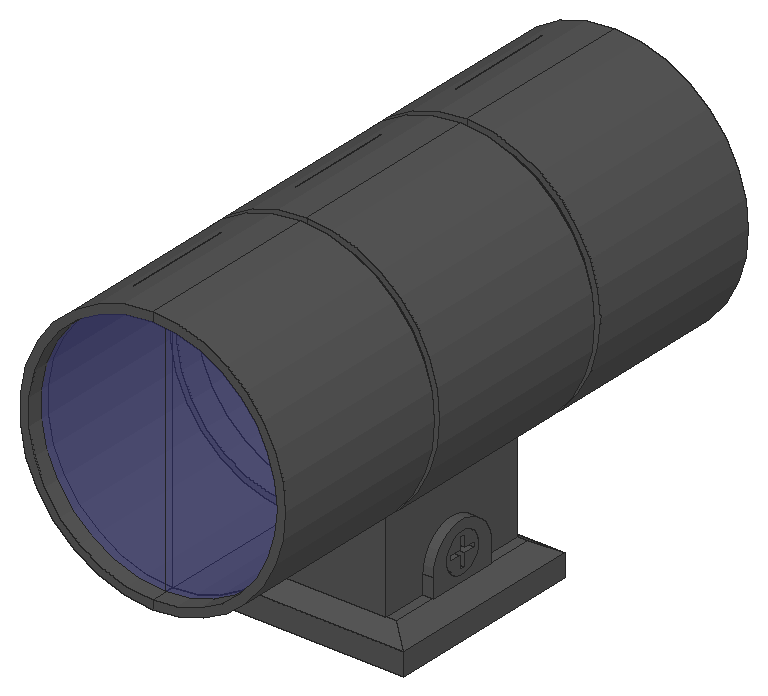
Revit family "CARLO CYLINDER LIGHT WALL MOUNT", category Lighting Fixtures, host Face, Revit 2020 (continued)
Types (10): name | Wattage_Input | Wattage Comments | Wattage | Photometric Web File | built-in parameter 1150142 | Model | built-in parameter 1150105 | Lumens | Light Length 1 | LIGHT RADIUS | LIGHT PLACEMENT | LIGHT LENGTH | LIGHT DIA | built-in parameter 1150106 | FIXED END HEIGHT | Curve base Height | Base Curve | BEAMING ANGLE | Apparent Load
    90.97 293.36 295.49 297.57 299.5 301.22 \r\n 302.85 304.5 306.18 307.95 309.79 311.68 313.64 315.73 317.87 319.94 \r\n 322.13 324.62 327.33 330.24 333.32 336.56 339.98 343.49 347.42 351.92 \r\n 357.36 364.02 372.38 382.71 395.88 412.53 433.58 459.76 492.19 532.02 \r\n 579.87 636.59 702.73 780.03 865.82 954.87 1056.6 1178.9 1321.7 1490.8 \r\n 1676.4 1871.7 2072.3 2272.3 2469 2656.8 2839.3 3023.8 3194.3 3335.9 \r\n 3453.3 3545.9 3614.3 3656.1 3679.2 3687.9 3691.1 3701.5 3712.2 3720.4 \r\n 3733.6 \r\n3725 3720.7 3703.1 3683.4 3647.3 3580.7 3488.5 3370.6 3227.9 3056.4 \r\n 2870.4 2683.9 2493.9 2302.8 2108.3 1904.7 1705.3 1518.7 1353 1226 \r\n 1117.5 1012.1 912.25 811.66 720.85 651.03 593.91 544.83 504.09 470.86 \r\n 443.84 421.64 403.74 389.33 377.85 368.61 361.22 355.12 350.02 345.5 \r\n 341.41 337.53 333.78 330.01 326.29 322.59 319.04 315.91 312.82 309.29 \r\n 305.97 303.59 301.45 298.9 296.43 294.38 292.5 290.63 288.89 287.52 \r\n 286.05 283.87 281.64 279.91 278.35 276.79 275.28 274.03 272.46 271.16 \r\n 266.91 255.44 240.45 224.21 206.64 188.56 169.57 149.25 128.48 108.05 \r\n 87.804 66.672 48.143 36.108 28.292 24.323 22.379 20.313 18.722 17.528 \r\n 16.605 15.799 15.112 14.499 13.938 13.396 12.864 12.316 11.772 11.25 \r\n 10.723 10.165 9.6036 9.0585 8.5275 8.0192 7.5199 7.0128 6.5147 6.0377 \r\n 5.5784 5.1389 4.7146 4.2927 3.8996 3.5634 3.2655 2.996 2.7558 2.5438 \r\n 2.3573 2.1948 2.0516 1.9225 1.806 1.6983 1.6013 1.5167 1.4413 1.3736 \r\n 1.3105 1.2467 1.187 1.1363 1.0893 1.0418 0.99545 0.95006 0.90729 0.86986 \r\n 0.83437 0.79782 0.76161 0.72601 0.6914 0.65844 0.62648 0.59484 0.56434 0.53609 \r\n 0.50852 0.48258 0.45645 0.42758 0.39914 0.37407 0.35044 0.32764 0.30461 0.2792 \r\n 0.2541 0.23187 0.21073 0.18992 0.16885 0.14646 0.12339 0.099174 0.076135 0.056985 \r\n 0.040086 0.023889 0.010844 0.0035943 0 0 0 0 0 0 \r\n 0 0 0.00011883 0.006219 0.014129 0.019766 0.028726 0.047765 0.069315 0.086223 \r\n 0.104 0.12616 0.15153 0.18188 0.21193 0.23481 0.25717 0.28473 0.31342 0.34074 \r\n 0.36778 0.39446 0.42189 0.45163 0.48219 0.51272 0.5428 0.57082 0.59948 0.63235 \r\n 0.66681 0.70107 0.73609 0.7716 0.80944 0.85171 0.89749 0.94745 0.99895 1.0482 \r\n 1.0993 1.1553 1.2154 1.2813 1.3485 1.4094 1.4757 1.5594 1.6526 1.7497 \r\n 1.8544 1.9677 2.092 2.2304 2.3825 2.5447 2.7294 2.9515 3.1991 3.4592 \r\n 3.7502 4.0895 4.467 4.8818 5.3238 5.7802 6.2577 6.7608 7.2828 7.8152 \r\n 8.3679 8.9585 9.5554 10.12 10.692 11.306 11.942 12.594 13.253 13.907 \r\n 14.57 15.244 15.957 16.729 17.58 18.502 19.6 20.937 22.629 24.915 \r\n 27.476 29.56 32.712 37.763 46.097 60.476 77.595 94.698 112.9 132.65 \r\n 153.23 174.82 195.25 211.92 226.36 239.11 250.51 261.76 270.91 275.49 \r\n 278.3 281.55 284.61 287.68 290.52 292.9 295.03 297.09 299 300.72 \r\n 302.35 303.98 305.62 307.29 309.03 310.89 312.86 314.99 317.21 319.42 \r\n 321.75 324.32 327.07 330 333.09 336.29 339.7 343.3 347.39 352.18 \r\n 358 365.02 373.86 384.91 399.02 416.87 439.36 467.31 501.59 543.05 \r\n 592.59 650.85 719.6 803.08 894.57 983.7 1085.5 1212.9 1362.4 1538.4 \r\n 1729.5 1926.6 2127.6 2328.6 2526.5 2716.7 2899.6 3078 3240.4 3374.7 \r\n 3484.8 3570.5 3631.9 3665.4 3681.9 3688.9 3692.5 3703.3 3714.4 3721.8 \r\n 3733.6 \r\n3725 3721.9 3705 3686.9 3653.1 3589.4 3500.7 3387.7 3248.6 3075.1 \r\n 2886.7 2701.7 2515 2328.8 2138.8 1936.3 1735.9 1546.5 1375.5 1237.9 \r\n 1119.8 1012.4 914.06 817.58 730.6 660.02 600.87 550.66 508.94 474.87 \r\n 447.12 424.26 405.77 390.89 379.05 369.58 362.02 355.78 350.58 345.98 \r\n 341.85 337.94 334.16 330.26 326.43 322.79 319.31 316.03 312.73 309 \r\n 305.46 302.81 300.41 297.67 295.05 292.84 290.83 288.86 287.09 285.74 \r\n 284.45 282.8 281.19 279.89 278.76 277.75 276.81 276.03 274.98 274.55 \r\n 270.81 258.41 242.5 226.74 210.3 194.22 176.57 154.73 131.89 110.77 \r\n 90.238 69.075 50.346 37.139 28.17 24.027 22.187 20.065 18.437 17.275 \r\n 16.399 15.613 14.941 14.358 13.826 13.295 12.774 12.252 11.732 11.22 \r\n 10.704 10.168 9.6284 9.0913 8.5646 8.0642 7.5729 7.0746 6.5824 6.1028 \r\n 5.6382 5.1955 4.7673 4.3407 3.94 3.5889 3.2768 3.0041 2.7626 2.5436 \r\n 2.349 2.179 2.0298 1.8992 1.7828 1.674 1.5757 1.4892 1.4127 1.3468 \r\n 1.2854 1.2199 1.1581 1.1074 1.0611 1.0149 0.96992 0.92564 0.88374 0.84657 \r\n 0.81155 0.77654 0.74251 0.70984 0.67817 0.64738 0.61712 0.58689 0.55706 0.52776 \r\n 0.49935 0.47409 0.44913 0.42156 0.39382 0.36745 0.34214 0.31861 0.29534 0.27039 \r\n 0.24583 0.22366 0.20231 0.18109 0.15948 0.1364 0.1129 0.089185 0.066778 0.047411 \r\n 0.030672 0.016216 0.0055767 0.0012199 0 0 0 0 0 0 \r\n 0 0 0.00017628 0.0092341 0.02097 0.030654 0.042572 0.060957 0.081231 0.098918 \r\n 0.11795 0.14137 0.16737 0.19623 0.22468 0.24782 0.27083 0.29841 0.32713 0.35495 \r\n 0.38238 0.40865 0.43555 0.46537 0.49586 0.52537 0.55443 0.58227 0.61114 0.6449 \r\n 0.68061 0.71635 0.75296 0.7902 0.82942 0.87201 0.91769 0.96751 1.019 1.0687 \r\n 1.1204 1.1778 1.2385 1.3017 1.3664 1.4285 1.4964 1.5787 1.67 1.7672 \r\n 1.8725 1.986 2.1107 2.2492 2.4027 2.5698 2.7609 2.9907 3.2463 3.513 \r\n 3.8119 4.1656 4.5552 4.9692 5.4088 5.8717 6.3575 6.867 7.3936 7.9253 \r\n 8.4783 9.0796 9.6854 10.243 10.806 11.417 12.053 12.708 13.37 14.015 \r\n 14.669 15.344 16.065 16.857 17.734 18.678 19.811 21.208 22.998 25.47 \r\n 28.215 30.228 33.587 39.829 49.57 65.038 82.93 100.17 118.3 138.15 \r\n 158.86 180.54 201.18 218.57 233.42 245.46 255.4 264.04 270.82 274.93 \r\n 277.87 280.97 283.92 286.9 289.69 292.11 294.31 296.39 298.33 300.1 \r\n 301.79 303.42 305.04 306.64 308.3 310.13 312.1 314.26 316.54 318.89 \r\n 321.36 324 326.78 329.71 332.78 335.94 339.35 343.04 347.33 352.45 \r\n 358.68 366.12 375.53 387.39 402.55 421.69 445.7 475.48 511.68 554.82 \r\n 606.12 665.97 737.36 826.87 924.2 1014.6 1117.9 1251.2 1407.3 1588.9 \r\n 1784.1 1982.1 2183 2384.8 2583.7 2776.2 2959.3 3131.1 3284.7 3411.2 \r\n 3513.7 3592.2 3646.6 3672.5 3683.2 3689.6 3694.2 3705.4 3716.6 3723.2 \r\n 3733.6 \r\n3725 3723 3706.9 3690.4 3659.1 3598.7 3514 3406.3 3271.2 3096.7 \r\n 2906.7 2723.5 2539.8 2357.9 2171.6 1970.4 1769.2 1577.2 1400.9 1252.5 \r\n 1124.3 1014.9 918.07 825.21 741.53 670.01 608.76 557.26 514.39 479.31 \r\n 450.69 427.07 407.97 392.56 380.31 370.56 362.79 356.38 351.05 346.36 \r\n 342.18 338.27 334.49 330.5 326.6 323.09 319.7 316.34 312.89 309.06 \r\n 305.38 302.49 299.83 296.94 294.19 291.83 289.68 287.61 285.78 284.38 \r\n 283.2 282.03 280.97 280.07 279.31 278.77 278.3 277.92 277.28 277.5 \r\n 274.18 261.21 244.85 229.76 214.5 200.22 183.73 160.42 135.66 113.94 \r\n 93.244 72.165 53.286 38.778 28.476 24.017 22.171 19.949 18.266 17.115 \r\n 16.271 15.49 14.825 14.264 13.754 13.232 12.719 12.218 11.719 11.215 \r\n 10.707 10.192 9.6715 9.1424 8.62 8.1246 7.6384 7.1474 6.66 6.1774 \r\n 5.7073 5.2611 4.8291 4.398 3.99 3.6234 3.2967 3.0199 2.7762 2.5501 \r\n 2.3474 2.1696 2.0141 1.8814 1.764 1.6537 1.5538 1.4654 1.3877 1.323 \r\n 1.2628 1.1956 1.1321 1.0813 1.0357 0.99046 0.94669 0.90332 0.86208 0.8249 \r\n 0.7901 0.75647 0.7245 0.69467 0.66584 0.63698 0.60827 0.57962 0.55075 0.52061 \r\n 0.49146 0.46673 0.44276 0.41655 0.38959 0.36191 0.33492 0.31069 0.28723 0.26274 \r\n 0.23872 0.21649 0.19485 0.17322 0.15113 0.12738 0.1035 0.080411 0.058766 0.039285 \r\n 0.022727 0.0098862 0.0013775 0 0 0 0 0 0 0 \r\n 0 0 0.00022198 0.011538 0.026416 0.040112 0.05514 0.072928 0.092001 0.11061 \r\n 0.13101 0.1557 0.18225 0.2094 0.23607 0.25959 0.2834 0.31097 0.33961 0.36779 \r\n 0.39549 0.42143 0.44791 0.47774 0.50811 0.53674 0.5649 0.59244 0.62138 0.65592 \r\n 0.69278 0.72984 0.76786 0.80662 0.84704 0.88988 0.93539 0.98473 1.0359 1.0863 \r\n 1.1391 1.1977 1.2587 1.3192 1.3814 1.4455 1.5155 1.5962 1.6856 1.7831 \r\n 1.8893 2.0035 2.129 2.2683 2.424 2.5967 2.7949 3.0314 3.2944 3.569 \r\n 3.8773 4.2453 4.6466 5.0588 5.4954 5.9648 6.4586 6.973 7.5025 8.0334 \r\n 8.5862 9.1941 9.8052 10.358 10.913 11.519 12.15 12.806 13.467 14.102 \r\n 14.748 15.421 16.148 16.957 17.859 18.83 20.006 21.474 23.365 25.975 \r\n 28.895 30.99 34.735 42.275 53.465 69.929 88.507 105.98 124.15 144.11 \r\n 164.86 186.26 206.71 224.58 239.74 251.21 259.88 266.01 270.46 274.13 \r\n 277.21 280.19 283.03 285.93 288.7 291.19 293.48 295.62 297.62 299.49 \r\n 301.26 302.94 304.55 306.09 307.7 309.51 311.48 313.65 315.98 318.45 \r\n 321.03 323.72 326.52 329.44 332.49 335.61 339.04 342.86 347.38 352.85 \r\n 359.53 367.47 377.53 390.33 406.65 427.18 452.82 484.52 522.74 567.75 \r\n 621.01 682.69 756.84 851.88 954.9 1048.2 1154.6 1294.6 1457.6 1643.6 \r\n 1841.6 2039.8 2240.3 2442.8 2642.4 2836.5 3018.9 3183.8 3328.1 3446.3 \r\n 3540.5 3611.2 3658.6 3677.9 3684 3690.4 3696.5 3708 3718.9 3724.6 \r\n 3733.6 \r\n3725 3723.3 3708 3692.4 3662.7 3605.3 3524.1 3420.4 3288.9 3116.7 \r\n 2928.4 2747 2564.7 2382.9 2196.4 1995.6 1794.3 1600.8 1421.3 1265.6 \r\n 1130.9 1021.3 925.92 833.72 750.24 677.65 614.94 562.24 518.27 482.2 \r\n 452.77 428.63 409.12 393.35 380.77 370.75 362.77 356.19 350.74 345.97 \r\n 341.78 337.99 334.35 330.46 326.67 323.35 320.16 316.9 313.57 309.93 \r\n 306.4 303.46 300.7 297.77 294.98 292.56 290.34 288.18 286.27 284.75 \r\n 283.51 282.48 281.62 280.86 280.24 279.83 279.49 279.19 278.67 279.09 \r\n 276.17 264.03 248.61 234.36 219.79 206.03 189.61 165.29 139.43 117.55 \r\n 96.954 76.089 57.053 41.073 29.206 24.219 22.208 19.879 18.176 17.021 \r\n 16.189 15.406 14.741 14.195 13.702 13.188 12.681 12.192 11.705 11.21 \r\n 10.709 10.205 9.6955 9.176 8.66 8.1633 7.6745 7.1867 6.7022 6.2168 \r\n 5.7431 5.2964 4.8643 4.4326 4.0217 3.6456 3.309 3.0279 2.7814 2.5516 \r\n 2.3453 2.1643 2.0061 1.8714 1.7525 1.6411 1.5405 1.4518 1.3739 1.3093 \r\n 1.2491 1.1815 1.1177 1.0677 1.0232 0.97882 0.93563 0.8924 0.85104 0.81337 \r\n 0.7784 0.74576 0.71537 0.68816 0.66076 0.63246 0.60414 0.57694 0.54938 0.51927 \r\n 0.48999 0.46539 0.4418 0.41664 0.39046 0.3621 0.33413 0.30945 0.28584 0.26164 \r\n 0.23798 0.21574 0.19397 0.17208 0.14973 0.12579 0.10196 0.079452 0.058529 0.039522 \r\n 0.023386 0.011112 0.0029272 0.0004648 0.00049815 0.00010027 0.000005 0 0 0 \r\n 0 0 0 0.010587 0.025388 0.041556 0.059092 0.076793 0.09542 0.11495 \r\n 0.13654 0.16233 0.18934 0.215 0.24019 0.26441 0.28924 0.31672 0.34503 0.37311 \r\n 0.40076 0.42674 0.45318 0.48265 0.51265 0.54126 0.56935 0.59626 0.62459 0.65912 \r\n 0.6962 0.7336 0.77194 0.81082 0.85113 0.89351 0.9383 0.98635 1.0368 1.0885 \r\n 1.143 1.2019 1.2626 1.3215 1.383 1.4502 1.5234 1.6038 1.6926 1.7912 \r\n 1.8995 2.0161 2.1449 2.2883 2.4493 2.6298 2.8359 3.0767 3.3452 3.632 \r\n 3.9544 4.3366 4.7487 5.1616 5.5973 6.0733 6.5736 7.0882 7.6162 8.1478 \r\n 8.7001 9.3026 9.9082 10.461 11.016 11.616 12.24 12.888 13.541 14.17 \r\n 14.812 15.483 16.213 17.029 17.954 18.976 20.229 21.809 23.817 26.437 \r\n 29.519 32.166 36.8 45.754 58.392 75.841 95.149 113.13 131.61 151.81 \r\n 172.34 192.44 211.46 228.76 243.61 254.89 263.07 267.57 270.43 273.76 \r\n 276.87 279.74 282.5 285.33 288.07 290.62 293.01 295.22 297.29 299.26 \r\n 301.1 302.8 304.41 305.95 307.54 309.34 311.31 313.48 315.81 318.27 \r\n 320.85 323.55 326.37 329.29 332.34 335.48 338.98 342.98 347.78 353.63 \r\n 360.82 369.43 380.39 394.4 412.18 434.37 461.9 495.75 536.33 583.91 \r\n 639.9 704.29 781.62 880.64 988.58 1088.1 1201.6 1350.3 1521.1 1711.3 \r\n 1911.2 2109.5 2309.4 2512.2 2711.8 2904.6 3083.6 3241.2 3376.3 3484.5 \r\n 3568.6 3629.1 3667.8 3682.2 3686.1 3693.3 3700.9 3712.1 3722.1 3726.3 \r\n 3733.6 \r\n3725 3722.7 3708.2 3692.9 3663.9 3609 3530.9 3429.6 3301.3 3134.8 \r\n 2951.6 2772.1 2589.2 2403.4 2212.7 2011.6 1810.9 1617.2 1436.8 1277.8 \r\n 1140.3 1031.9 937.92 843.29 756.79 683.01 619.52 565.74 520.72 483.69 \r\n 453.5 429.02 409.33 393.3 380.48 370.19 361.97 355.23 349.67 344.85 \r\n 340.69 337.11 333.76 330.13 326.62 323.55 320.63 317.67 314.69 311.54 \r\n 308.44 305.65 302.95 300.1 297.37 294.98 292.75 290.55 288.53 286.83 \r\n 285.38 284.15 283.12 282.26 281.53 280.91 280.34 279.81 279.14 279.33 \r\n 276.8 266.85 253.73 240.42 226 211.45 194.03 169.27 143.27 121.64 \r\n 101.39 80.821 61.595 44.036 30.437 24.694 22.327 19.872 18.178 17.001 \r\n 16.158 15.363 14.693 14.152 13.669 13.162 12.662 12.174 11.69 11.204 \r\n 10.712 10.208 9.6998 9.191 8.6833 8.1792 7.6805 7.1916 6.7078 6.2203 \r\n 5.7452 5.3007 4.8718 4.4436 4.0345 3.6552 3.3137 3.0279 2.7779 2.5479 \r\n 2.3428 2.1634 2.0062 1.8697 1.7488 1.6368 1.5365 1.449 1.3721 1.3063 \r\n 1.245 1.178 1.1155 1.0673 1.0243 0.98045 0.93727 0.89338 0.85113 0.8126 \r\n 0.77717 0.74514 0.71571 0.6889 0.66256 0.63373 0.60486 0.579 0.5531 0.52391 \r\n 0.4951 0.47024 0.44639 0.4219 0.39643 0.36806 0.33987 0.31503 0.29131 0.26721 \r\n 0.24369 0.22153 0.19979 0.17781 0.15544 0.13182 0.10845 0.086446 0.066134 0.048189 \r\n 0.032715 0.019884 0.01016 0.0045643 0.0015911 0.00026954 0.000017 0 0 0 \r\n 0 0 0 0.0068319 0.018193 0.03513 0.054431 0.072561 0.091531 0.11194 \r\n 0.13448 0.16115 0.18852 0.21301 0.23714 0.26234 0.28833 0.31562 0.34337 0.3709 \r\n 0.39821 0.42458 0.45137 0.48015 0.50958 0.53907 0.56793 0.59392 0.62102 0.65471 \r\n 0.69105 0.72777 0.7653 0.80288 0.84179 0.88303 0.92663 0.97272 1.022 1.0756 \r\n 1.1321 1.1905 1.2503 1.3091 1.3717 1.443 1.5205 1.6021 1.6916 1.7924 \r\n 1.9037 2.0248 2.1594 2.3101 2.4795 2.6696 2.8842 3.1269 3.3995 3.7022 \r\n 4.0428 4.4387 4.8608 5.2769 5.7143 6.1971 6.7022 7.2126 7.7351 8.2691 \r\n 8.8208 9.4061 9.9958 10.555 11.118 11.713 12.325 12.956 13.595 14.223 \r\n 14.868 15.537 16.266 17.08 18.026 19.124 20.486 22.217 24.358 26.863 \r\n 30.094 33.757 39.764 50.206 64.248 82.656 102.73 121.48 140.51 161.06 \r\n 181.16 199 215.44 231.14 245.03 256.44 264.9 268.71 270.81 273.91 \r\n 276.95 279.72 282.41 285.19 287.91 290.5 292.96 295.26 297.41 299.46 \r\n 301.35 303.06 304.67 306.23 307.86 309.67 311.63 313.79 316.08 318.41 \r\n 320.88 323.56 326.4 329.33 332.43 335.65 339.28 343.51 348.64 354.87 \r\n 362.62 372.08 384.17 399.64 419.13 443.22 472.88 509.08 552.36 603.19 \r\n 662.71 730.76 811.68 913.04 1025 1133.8 1258.3 1417.4 1596.9 1790.9 \r\n 1992.2 2190.4 2389.5 2592.6 2791.3 2979.8 3152.6 3302.7 3428.7 3525.8 \r\n 3598 3645.8 3674.5 3685.9 3690 3698.5 3707.3 3717.7 3726 3728.4 \r\n 3733.6 \r\n3725 3722 3708.3 3693.2 3665 3612.8 3538 3439.4 3314.5 3155 \r\n 2978.2 2800.5 2616.5 2425.9 2230.5 2029.3 1829.5 1636.1 1455.1 1293.7 \r\n 1154 1046.5 953.03 855.03 764.72 689.58 625.33 570.37 524.16 486.01 \r\n 454.88 429.92 409.93 393.57 380.43 369.81 361.29 354.33 348.64 343.72 \r\n 339.59 336.21 333.14 329.81 326.6 323.78 321.12 318.5 315.91 313.3 \r\n 310.68 308.09 305.48 302.76 300.12 297.78 295.56 293.33 291.22 289.33 \r\n 287.63 286.13 284.83 283.8 282.89 281.96 281.05 280.21 279.3 279.11 \r\n 276.91 269.48 259.01 246.63 232.22 216.64 198.09 173.29 147.62 126.36 \r\n 106.44 86.159 66.725 47.643 32.324 25.641 22.71 20.054 18.333 17.094 \r\n 16.213 15.391 14.706 14.16 13.677 13.174 12.678 12.188 11.703 11.223 \r\n 10.738 10.231 9.7201 9.2211 8.7212 8.208 7.6975 7.2055 6.7207 6.2309 \r\n 5.7546 5.3118 4.8857 4.4614 4.0547 3.6729 3.3268 3.0353 2.7807 2.5507 \r\n 2.3472 2.1698 2.0137 1.8749 1.7511 1.6383 1.5381 1.4518 1.3758 1.3083 \r\n 1.2452 1.1792 1.1185 1.0716 1.0296 0.98614 0.94273 0.89795 0.85463 0.81529 \r\n 0.77941 0.7478 0.71893 0.69218 0.66566 0.63632 0.60693 0.5824 0.55819 0.53016 \r\n 0.50202 0.47676 0.4524 0.42838 0.40349 0.37524 0.34703 0.32216 0.29839 0.2743 \r\n 0.25081 0.22868 0.20696 0.18493 0.16263 0.13945 0.11663 0.09506 0.075288 0.058506 \r\n 0.043711 0.029987 0.018263 0.0090533 0.0026917 0.00038878 0.000029 0 0 0 \r\n 0 0 0 0.0028914 0.01053 0.027792 0.048504 0.067145 0.086628 0.10792 \r\n 0.13133 0.15872 0.18635 0.20983 0.23307 0.25921 0.28627 0.3133 0.34042 0.36733 \r\n 0.39424 0.42108 0.44834 0.47649 0.50542 0.53596 0.56574 0.59088 0.61675 0.64944 \r\n 0.68479 0.72058 0.75703 0.79308 0.83042 0.87055 0.91304 0.95721 1.0053 1.0608 \r\n 1.1193 1.1772 1.2362 1.2953 1.3595 1.4349 1.5167 1.6001 1.691 1.7943 \r\n 1.9091 2.0351 2.1758 2.3344 2.5125 2.7127 2.9359 3.1803 3.4564 3.7751 \r\n 4.1338 4.5423 4.9735 5.3931 5.8326 6.3219 6.8315 7.3367 7.8531 8.3901 \r\n 8.9415 9.5064 10.078 10.644 11.217 11.805 12.405 13.017 13.64 14.268 \r\n 14.916 15.583 16.312 17.122 18.09 19.267 20.743 22.634 24.909 27.264 \r\n 30.637 35.444 42.946 54.86 70.226 89.445 110.15 129.72 149.35 170.22 \r\n 189.85 205.33 219.08 232.95 245.71 257.25 266.1 269.55 271.2 274.13 \r\n 277.08 279.77 282.41 285.15 287.87 290.49 293.02 295.42 297.68 299.8 \r\n 301.77 303.5 305.13 306.76 308.44 31
